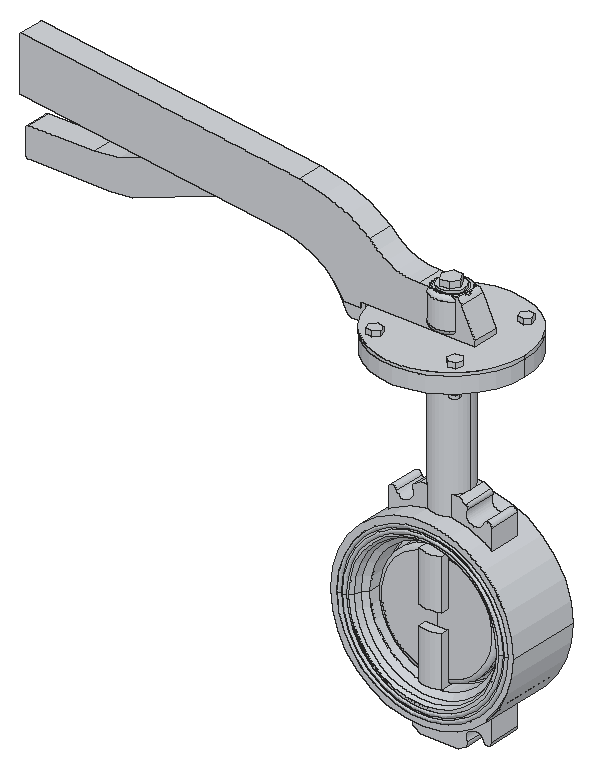
Revit family "R59WY006", category Plumbing Fixtures, Revit 2015
Reference planes
  plane 1 "Center (Front/Back)": y = 0
  plane 2: z = 0
  plane 3 "Center (Left/Right)": x = 0
  plane 4: z = 152
  plane 5: x = -260
  plane 6: z = 229
  plane 7: z = 187
  plane 8: z = -76
  plane 9: z = -30
  plane 10: z = 182
  plane 11: z = -30
  plane 12: y = -22.488
  plane 13: y = 22.512
Forms (mm)
  Extrusion 1, solid
    sketch origin (0, 0, 142) x (1, 0, 0) y (0, 1, 0)
      loop
        circle (0, 0) r 45
    from 0 to 10
  Extrusion 2, solid
    sketch origin (0, 0, -76.95) x (1, 0, 0) y (0, 1, 0)
      loop
        circle (0, 0) r 12
    from 118.947 to 218.95
  Revolve 3, solid
    sketch origin (0, 0, 0) x (0, 1, 0) y (0, 0, 1)
      loop
        line (-1.078, -39.827) -> (1.078, -39.827) -> (1.078, -38.893)
        arc (1.078, -38.893) -> (1.953, -37.459) -> (3.478, -36.756) r 2.888
        line (3.478, -36.756) -> (6.599, -36.756)
        arc (6.599, -36.756) -> (9.772, -35.014) -> (11.11, -31.651) r 5.351
        line (11.11, -31.651) -> (11.11, 0) -> (-11.11, 0) -> (-11.11, -34.086)
        arc (-11.11, -34.086) -> (-10.328, -35.974) -> (-8.44, -36.756) r 2.67
        line (-8.44, -36.756) -> (-3.478, -36.756)
        arc (-3.478, -36.756) -> (-1.953, -37.459) -> (-1.078, -38.893) r 2.888
        line (-1.078, -38.893) -> (-1.078, -39.827)
      axis (11.11, 0) -> (-11.11, 0)
    angle from 0 to 360
  Blend 4, solid
    base sketch origin (0, 0, -4.163) x (1, 0, 0) y (0, 1, 0)
      loop
        line (-6.883, 16.4) -> (-6.883, -16.4)
        arc (-6.883, -16.4) -> (0, -18.078) -> (6.883, -16.4) r 14.953
        line (6.883, -16.4) -> (6.883, 16.4)
        arc (6.883, 16.4) -> (0, 18.078) -> (-6.883, 16.4) r 14.953
    top sketch origin (0, 0, 0) x (1, 0, 0) y (0, 1, 0)
      loop
        line (-6.883, 16.4) -> (-6.883, -16.4)
        arc (-6.883, -16.4) -> (0, -18.078) -> (6.883, -16.4) r 14.953
        line (6.883, -16.4) -> (6.883, 16.4)
        arc (6.883, 16.4) -> (0, 18.078) -> (-6.883, 16.4) r 14.953
    from 10.163 to 36.836
  Blend 5, solid
    base sketch origin (0, 0, -38.601) x (0, -1, 0) y (1, 0, 0)
      loop
        line (-16.4, -6.883) -> (16.4, -6.883)
        arc (16.4, -6.883) -> (18.078, 0) -> (16.4, 6.883) r 14.953
        line (16.4, 6.883) -> (-16.4, 6.883)
        arc (-16.4, 6.883) -> (-18.078, 0) -> (-16.4, -6.883) r 14.953
    top sketch origin (0, 0, -35.117) x (0, -1, 0) y (1, 0, 0)
      loop
        line (-16.4, -6.883) -> (16.4, -6.883)
        arc (16.4, -6.883) -> (18.078, 0) -> (16.4, 6.883) r 14.953
        line (16.4, 6.883) -> (-16.4, 6.883)
        arc (-16.4, 6.883) -> (-18.078, 0) -> (-16.4, -6.883) r 14.953
    from 1.781 to 29.117
  Extrusion 6, solid
    sketch origin (99.126, -27.447, 154) x (0, -1, 0) y (1, 0, 0)
      loop
        line (3.99, -123.113) -> (0.805, -120.344) -> (-3.184, -121.718) -> (-3.99, -125.86) -> (-0.805, -128.628) -> (3.184, -127.254) -> (3.99, -123.113)
    from 0 to 3
  Extrusion 7, solid
    sketch origin (99.126, -27.447, 134) x (0, -1, 0) y (1, 0, 0)
      loop
        circle (0, -124.486) r 3
    from 2.505 to 20
  Extrusion 8, solid
    sketch origin (99.126, -27.447, 141) x (0, -1, 0) y (1, 0, 0)
      loop
        line (3.99, -123.113) -> (0.805, -120.344) -> (-3.184, -121.718) -> (-3.99, -125.86) -> (-0.805, -128.628) -> (3.184, -127.254) -> (3.99, -123.113)
      loop
        line (-3.444, -125.672) -> (-0.695, -128.061) -> (2.749, -126.876) -> (3.444, -123.301) -> (0.695, -120.911) -> (-2.749, -122.097) -> (-3.444, -125.672)
    from -1.968 to 1
  Extrusion 9, solid, not visible
    sketch origin (26.117, -96.518, 104.233) x (0, -1, 0) y (1, 0, 0)
      loop
        line (3.99, -123.113) -> (0.805, -120.344) -> (-3.184, -121.718) -> (-3.99, -125.86) -> (-0.805, -128.628) -> (3.184, -127.254) -> (3.99, -123.113)
    from 0 to 3
  Extrusion 10, solid, not visible
    sketch origin (26.117, -96.518, 84.233) x (0, -1, 0) y (1, 0, 0)
      loop
        circle (0, -124.486) r 3
    from 2.505 to 20
  Extrusion 11, solid, not visible
    sketch origin (26.117, -96.518, 91.233) x (0, -1, 0) y (1, 0, 0)
      loop
        line (3.99, -123.113) -> (0.805, -120.344) -> (-3.184, -121.718) -> (-3.99, -125.86) -> (-0.805, -128.628) -> (3.184, -127.254) -> (3.99, -123.113)
      loop
        line (-3.444, -125.672) -> (-0.695, -128.061) -> (2.749, -126.876) -> (3.444, -123.301) -> (0.695, -120.911) -> (-2.749, -122.097) -> (-3.444, -125.672)
    from -1.968 to 1
  Extrusion 12, solid
    sketch origin (0, 0, 152) x (1, 0, 0) y (0, 1, 0)
      loop
        circle (0, 0) r 45
    from 0 to 2
  Extrusion 13, solid
    sketch origin (99.126, -27.447, 154) x (0, -1, 0) y (1, 0, 0)
      loop
        line (-58.884, -123.113) -> (-58.079, -127.254) -> (-54.09, -128.628) -> (-50.905, -125.86) -> (-51.71, -121.718) -> (-55.7, -120.344) -> (-58.884, -123.113)
    from 0 to 3
  Extrusion 14, solid
    sketch origin (99.126, -27.447, 134) x (0, -1, 0) y (1, 0, 0)
      loop
        circle (-54.895, -124.486) r 3
    from 2.505 to 20
  Extrusion 15, solid
    sketch origin (99.126, -27.447, 141) x (0, -1, 0) y (1, 0, 0)
      loop
        line (-58.884, -123.113) -> (-58.079, -127.254) -> (-54.09, -128.628) -> (-50.905, -125.86) -> (-51.71, -121.718) -> (-55.7, -120.344) -> (-58.884, -123.113)
      loop
        line (-51.451, -125.672) -> (-52.146, -122.097) -> (-55.59, -120.911) -> (-58.339, -123.301) -> (-57.644, -126.876) -> (-54.2, -128.061) -> (-51.451, -125.672)
    from -1.968 to 1
  Extrusion 16, solid
    sketch origin (-100.376, 27.447, 154) x (0, 1, 0) y (-1, 0, 0)
      loop
        line (-58.884, -123.113) -> (-58.079, -127.254) -> (-54.09, -128.628) -> (-50.905, -125.86) -> (-51.71, -121.718) -> (-55.7, -120.344) -> (-58.884, -123.113)
    from 0 to 3
  Extrusion 17, solid
    sketch origin (-100.376, 27.447, 134) x (0, 1, 0) y (-1, 0, 0)
      loop
        circle (-54.895, -124.486) r 3
    from 2.505 to 20
  Extrusion 18, solid
    sketch origin (-100.376, 27.447, 141) x (0, 1, 0) y (-1, 0, 0)
      loop
        line (-58.884, -123.113) -> (-58.079, -127.254) -> (-54.09, -128.628) -> (-50.905, -125.86) -> (-51.71, -121.718) -> (-55.7, -120.344) -> (-58.884, -123.113)
      loop
        line (-51.451, -125.672) -> (-52.146, -122.097) -> (-55.59, -120.911) -> (-58.339, -123.301) -> (-57.644, -126.876) -> (-54.2, -128.061) -> (-51.451, -125.672)
    from -1.968 to 1
  Extrusion 19, solid
    sketch origin (-100.376, 27.447, 154) x (0, 1, 0) y (-1, 0, 0)
      loop
        line (3.99, -123.113) -> (0.805, -120.344) -> (-3.184, -121.718) -> (-3.99, -125.86) -> (-0.805, -128.628) -> (3.184, -127.254) -> (3.99, -123.113)
    from 0 to 3
  Extrusion 20, solid
    sketch origin (-100.376, 27.447, 134) x (0, 1, 0) y (-1, 0, 0)
      loop
        circle (0, -124.486) r 3
    from 2.505 to 20
  Extrusion 21, solid
    sketch origin (-100.376, 27.447, 141) x (0, 1, 0) y (-1, 0, 0)
      loop
        line (3.99, -123.113) -> (0.805, -120.344) -> (-3.184, -121.718) -> (-3.99, -125.86) -> (-0.805, -128.628) -> (3.184, -127.254) -> (3.99, -123.113)
      loop
        line (-3.444, -125.672) -> (-0.695, -128.061) -> (2.749, -126.876) -> (3.444, -123.301) -> (0.695, -120.911) -> (-2.749, -122.097) -> (-3.444, -125.672)
    from -1.968 to 1
  Extrusion 22, solid
    sketch origin (125.063, -27.447, 179.144) x (0, -1, 0) y (1, 0, 0)
      loop
        line (-32.638, -122.069) -> (-32.638, -128.062) -> (-27.447, -131.059) -> (-22.257, -128.062) -> (-22.257, -122.069) -> (-27.447, -119.072) -> (-32.638, -122.069)
    from -1.014 to 2.856
  Extrusion 23, solid
    sketch origin (124.477, -54.895, 174.2) x (0, -1, 0) y (1, 0, 0)
      loop
        circle (-54.895, -124.486) r 8
    from -22.2 to 3.931
  Sweep 24, solid
    path origin (0, 0, 0) x (1, 0, 0) y (0, 0, 1)
      loop
        circle (0, 0) r 56.5
    profile origin (0, 0, -56.5) x (0, 0, 1) y (0, -1, 0)
      loop
        line (16.683, -13.005) -> (16.683, 13.005) -> (13.454, 16.234) -> (12.517, 19.732) -> (10.888, 22.074) -> (9.28, 22.074)
        arc (9.28, 22.074) -> (8.267, 23.087) -> (7.253, 22.074) r 1.014
        line (7.253, 22.074) -> (5.98, 22.074)
        arc (5.98, 22.074) -> (4.966, 23.087) -> (3.952, 22.074) r 1.014
        line (3.952, 22.074) -> (0.625, 22.074) -> (0.625, -22.074) -> (3.952, -22.074)
        arc (3.952, -22.074) -> (4.966, -23.087) -> (5.98, -22.074) r 1.014
        line (5.98, -22.074) -> (7.253, -22.074)
        arc (7.253, -22.074) -> (8.267, -23.087) -> (9.28, -22.074) r 1.014
        line (9.28, -22.074) -> (10.888, -22.074) -> (12.517, -19.732) -> (13.454, -16.234) -> (16.683, -13.005)
  Revolve 25, solid
    sketch origin (0, 0, 12) x (1, 0, 0) y (0, 0, 1)
      loop
        line (-9.486, 143.746) -> (0, 143.746) -> (0, 165) -> (-9.486, 165)
        arc (-9.486, 165) -> (-11.259, 164.265) -> (-11.994, 162.492) r 2.508
        line (-11.994, 162.492) -> (-11.994, 146.254)
        arc (-11.994, 146.254) -> (-11.259, 144.481) -> (-9.486, 143.746) r 2.508
      axis (0, 143.746) -> (0, 165)
    angle from 0 to 360
  Sweep 26, solid
    path origin (-0.002, 0, 0) x (1, 0, 0) y (0, 0, 1)
      loop
        circle (0, 0) r 56.5
    profile origin (-0.002, 0, -56.5) x (0, 0, 1) y (0, -1, 0)
      loop
        line (0, 22.488) -> (0, -22.512) -> (3.915, -22.512) -> (3.915, 22.488) -> (0, 22.488)
  Extrusion 27, solid
    sketch origin (0.674, 45.948, -128.66) x (1, 0, 0) y (0, 0, 1)
      loop
        arc (-14.408, 305.574) -> (-31.009, 309.172) -> (-44.632, 319.319) r 40.102
        arc (-44.632, 319.319) -> (-64.682, 331.561) -> (-87.387, 337.59) r 81.686
        line (-87.387, 337.59) -> (-259.322, 357.495)
        arc (-259.322, 357.495) -> (-259.796, 357.345) -> (-260, 356.891) r 0.608
        line (-260, 356.891) -> (-260, 323.702) -> (-98.154, 304.965)
        arc (-98.154, 304.965) -> (-76.145, 296.857) -> (-60.289, 279.573) r 49.8
        line (-60.289, 279.573) -> (-50.289, 279.573) -> (-50.289, 282.573) -> (19.968, 282.573) -> (19.968, 285.573) -> (12.413, 302.542)
        arc (12.413, 302.542) -> (11.19, 304.332) -> (9.414, 305.574) r 6.038
        line (9.414, 305.574) -> (-14.408, 305.574)
    from 37.966 to 54.11
  Extrusion 28, solid
    sketch origin (-37.109, 45.948, -203.173) x (1, 0, 0) y (0, 0, 1)
      loop
        line (-177.106, 382.301) -> (-217.214, 382.301)
        arc (-217.214, 382.301) -> (-218.486, 381.806) -> (-219.141, 380.609) r 1.995
        line (-219.141, 380.609) -> (-219.141, 365.458)
        arc (-219.141, 365.458) -> (-218.486, 364.261) -> (-217.214, 363.766) r 1.995
        line (-217.214, 363.766) -> (-165.969, 363.766)
        arc (-165.969, 363.766) -> (-159.476, 364.161) -> (-153.041, 365.112) r 75.785
        line (-153.041, 365.112) -> (-100.731, 384.151) -> (-60.371, 379.479)
        arc (-60.371, 379.479) -> (-36.372, 369.39) -> (-21.513, 348.013) r 46.662
        arc (-21.513, 348.013) -> (-20.032, 346.784) -> (-18.159, 346.344) r 4.207
        line (-18.159, 346.344) -> (-9.636, 346.344) -> (-9.636, 357.087) -> (-17.519, 357.087)
        arc (-17.519, 357.087) -> (-19.393, 357.527) -> (-20.874, 358.756) r 4.207
        line (-20.874, 358.756) -> (-36.673, 388.468)
        arc (-36.673, 388.468) -> (-42.926, 395.877) -> (-51.675, 400.052) r 23.006
        line (-51.675, 400.052) -> (-121.464, 408.132)
        arc (-121.464, 408.132) -> (-146.554, 389.335) -> (-177.106, 382.301) r 75.785
    from 38.356 to 53.486
  Extrusion 29, solid
    sketch origin (-2.139, 0.293, 5.731) x (1, 0, 0) y (0, 0, 1)
      loop
        arc (18.871, -73.372) -> (19.767, -72.09) -> (19.652, -70.538) r 2.274
        arc (19.652, -70.538) -> (22.463, -63.171) -> (29.701, -66.3) r 5.458
        arc (29.701, -66.3) -> (32.458, -68.058) -> (34.596, -65.584) r 2.5
        line (34.596, -65.584) -> (34.596, -51.977)
        arc (34.596, -51.977) -> (2.952, -62.226) -> (-28.974, -52.894) r 56.5
        line (-28.974, -52.894) -> (-28.974, -65.584)
        arc (-28.974, -65.584) -> (-26.836, -68.058) -> (-24.079, -66.3) r 2.5
        arc (-24.079, -66.3) -> (-16.841, -63.171) -> (-14.03, -70.538) r 5.458
        arc (-14.03, -70.538) -> (-14.145, -72.09) -> (-13.249, -73.37) r 2.274
        arc (-13.249, -73.37) -> (-11.147, -74.672) -> (-8.94, -75.787) r 28.535
        line (-8.94, -75.787) -> (14.565, -75.787)
        arc (14.565, -75.787) -> (16.77, -74.673) -> (18.871, -73.372) r 28.535
    from -9.388 to 9.974
  Extrusion 30, solid
    sketch origin (-2.139, 0.293, -5.654) x (1, 0, 0) y (0, 0, 1)
      loop
        arc (18.871, 71.788) -> (16.77, 73.089) -> (14.565, 74.203) r 28.535
        line (14.565, 74.203) -> (-8.94, 74.203)
        arc (-8.94, 74.203) -> (-11.147, 73.088) -> (-13.249, 71.787) r 28.535
        arc (-13.249, 71.787) -> (-14.145, 70.506) -> (-14.03, 68.955) r 2.274
        arc (-14.03, 68.955) -> (-16.841, 61.587) -> (-24.079, 64.717) r 5.458
        arc (-24.079, 64.717) -> (-26.836, 66.474) -> (-28.974, 64.001) r 2.5
        line (-28.974, 64.001) -> (-28.974, 52.385)
        arc (-28.974, 52.385) -> (2.979, 61.463) -> (34.596, 51.275) r 57.262
        line (34.596, 51.275) -> (34.596, 64.001)
        arc (34.596, 64.001) -> (32.458, 66.474) -> (29.701, 64.717) r 2.5
        arc (29.701, 64.717) -> (22.463, 61.587) -> (19.652, 68.955) r 5.458
        arc (19.652, 68.955) -> (19.767, 70.506) -> (18.871, 71.788) r 2.274
    from -9.388 to 9.974
Dimensions and locks
  plane 2 to plane 4 = 152 mm
  plane 3 "Center (Left/Right)" to plane 5 = 260 mm
  level to plane 6 = 229 mm
  plane 8 to level = 76 mm
  locked: plane 4 to plane 10 at 30
  plane 13 to plane 12 = 45 mm
  aligned and locked: level to plane 2
